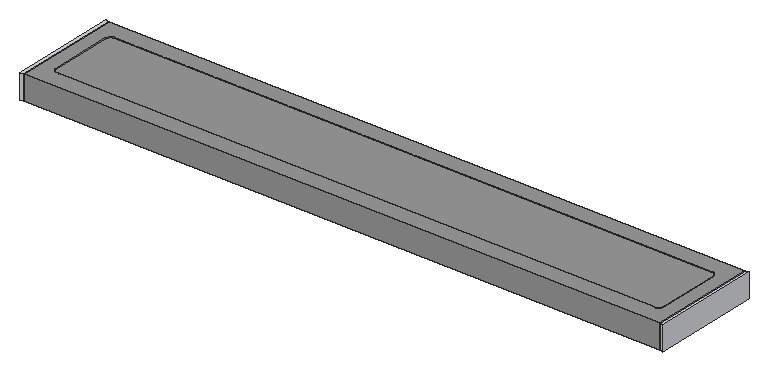
Revit family "2021679 Sylvania Lighting Fixture OPTIX S 1200 ASYMMETRIC 4K WHITE", category Lighting Fixtures, host Face, Revit 2018
Family settings
  Host = Face
  Round Connector Dimension = Use Diameter
  Part Type = Normal
  OmniClass Number = 23.80.70.00
  OmniClass Title = Lighting
  Cut with Voids When Loaded = No
  Light Source = Yes
  Shared = No
  Room Calculation Point = No
Parameters (values of type "2021679 OPTIX S 1200 ASYM 4K WHT")
  spacer height = 5 mm
  spacer centres = 1000 mm
  lens width = 1135 mm
  full length = 1200 mm
  Width = 200 mm
  Weight = "n/a"
  Wattage Comments = ""
  Wattage = 9.2903 W
  WarrantyStartDate [instance] = "n/a"
  WarrantyGuarantorParts = "n/a"
  WarrantyDurationUnit = "n/a"
  WarrantyDurationParts = ""
  WarrantyDescription = "http://www.sylvania-lighting.com"
  built-in parameter 1150110 = 1 (stored number, unit not read)
  Voltage = 0 V
  URL = "0.95"
  TypeName = "OPTIX S 1200 ASYMMETRIC 4K WHITE"
  Type Image = <None>
  Type Comments = "n/a"
  built-in parameter 1114217 = 1 (stored number, unit not read)
  Tilt Angle = 90.00°
  built-in parameter 1150109 = 1 (stored number, unit not read)
  built-in parameter 1150134 = 3
  built-in parameter 1150113 = 1 (stored number, unit not read)
  SerialNumber [instance] = "n/a"
  Photometric Web File = "2021679.ies"
  Material_3_FEILO = none
  PowerFactor = 0
  PowerConsumption = "Lighting"
  NominalLength = 200 mm
  NominalHeight = 0 mm
  NominalDepth = 0 mm
  Name = "OPTIX S 1200 ASYMMETRIC 4K WHITE"
  ModelReference = Name  # "OPTIX S 1200 ASYMMETRIC 4K WHITE"
  ModelNumber = "2021679"
  Model = Name  # "OPTIX S 1200 ASYMMETRIC 4K WHITE"
  Material = "Feilo Sylvania"
  ManufacturerName = "116 lm/W"
  Manufacturer = ""
  LuminousEfficacy = ""
  built-in parameter 1150105 = 109.82 (stored number, unit not read)
  Lumens = 1380 lm
  LuminaireType = "0"
  built-in parameter 1150115 = 1 (stored number, unit not read)
  LightOutputRatio = "LED"
  built-in parameter 1150137 = (empty or 0)
  built-in parameter 1150139 = (empty or 0)
  Lens Width = 135 mm
  Length = 1188 mm
  LampsType = Lamp  # "n/a"
  LampNominalLuminous = "4000 K"
  LampMacAdamStep = "80"
  LampColourTemperature = "LED"
  LampColourRenderingIndex = "16500"
  built-in parameter 1150112 = 1 (stored number, unit not read)
  built-in parameter 1150114 = 1 (stored number, unit not read)
  Lamp = "n/a"
  Keynote = "n/a"
  InstallationDate [instance] = "n/a"
  InputVoltage = "0"
  InputNominalFrequency = "4000"
  built-in parameter 1150132 = (empty or 0)
  built-in parameter 1150102 = (empty or 0)
  built-in parameter 1150107 = 3200 (stored number, unit not read)
  built-in parameter 1150138 = (empty or 0)
  IngressProtection = "IfcLightFixtureType"
  ImpactProtectionIndex = "IfcLightFixtureType"
  built-in parameter 1150106 = 1.0982 (stored number, unit not read)
  IfcExportType = "IfcLightFixtureType"
  IfcExportAs = "Class I"
  Height = 50 mm
  ExpectedLife = 50000
  Emit from Circle Diameter = 609.6 mm
  Emit Shape Visible in Rendering = no
  ElectricShockClassification = "116"
  built-in parameter 1150104 = 13.8 (stored number, unit not read)
  DurationUnit = "hours"
  DocumentationLiterature = "http://www.sylvania-lighting.com/product/en-int/products/2021679"
  DimmingControlOptions = "n/a"
  Material_2_FEILO = none
  Dimming Lamp Color Temperature Shift = <None>
  Description = "Surface or Suspended LED Linear luminaire with Asymmetric Aluminium Reflector, Asymmetric Light Distribution, Luminaire Dimensions: 1200x200x50mm, Sylvania White body colour, IP20, IK07, Constant Current, Low LED flicker (+/-5%), Warm White (3000K) LED Colour Temperature, 3480lm, 30W, 116lm/W efficacy, CRI>80, 3 SDCM (3-step MacAdam ellipse) LED Colour Consistency, Lumen Maintenance: L90B50 at 60,000 hours."
  Default Elevation = 1219.2 mm
  CreatedOn = "24/03/2021"
  CreatedBy = "@sylvania-lighting.com"
  Cost = 0
  Color Filter = 16777215
  built-in parameter 1114216 [instance] = (empty or 0)
  ClassificationValue = "EF_70_80"
  ClassificationName = "Uniclass2015"
  Material_1_FEILO = none
  BarCode [instance] = "n/a"
  built-in parameter 1114218 = 1 (stored number, unit not read)
  built-in parameter 1150133 = 10 (stored number, unit not read)
  AssetType = "Fixed"
  AssetIdentifier [instance] = "n/a"
  Assembly Code = "D5020200"
  Apparent Load = 30 VA
  Material_4_FEILO = none
Reference planes
  plane 1 "Center (Front/Back)": y = 0
  plane 2: z = 0
  plane 3 "Center (Left/Right)": x = 0
  plane 4: z = 0
  plane 5: z = 50
  plane 6: y = 100
  plane 7: y = -100
  plane 8: x = -594
  plane 9: x = 594
  plane 10: z = 5
  plane 11: x = -500
  plane 12: x = 500
  plane 13: y = 10
  plane 14: y = -10
  plane 15: x = 487.5
  plane 16: x = 512.5
  plane 17: x = -512.5
  plane 18: x = -487.5
  plane 19: x = -567.5
  plane 20: x = 567.5
  plane 21: y = 67.5
  plane 22: y = -67.5
  plane 23: x = -557.5
  plane 24: y = 57.5
  plane 25: y = -57.5
  plane 26: x = 557.5
  plane 27: x = -600
  plane 28: x = 600
Forms (mm)
  Extrusion 1, solid, material "Aluminum 1100-H18", detail levels medium+fine
    sketch origin (4.2, 0, 0) x (1, 0, 0) y (0, 1, 0)
      loop
        line (-598.2, 100) -> (-598.2, -100) -> (589.8, -100) -> (589.8, 100) -> (-598.2, 100)
    from 5 to 50
  Extrusion 2, solid
    sketch origin (4.2, 0, 0) x (1, 0, 0) y (0, 1, 0)
      loop
        line (483.3, 10) -> (483.3, -10) -> (508.3, -10) -> (508.3, 10) -> (483.3, 10)
    from 0 to 5
  Extrusion 3, solid
    sketch origin (4.2, 0, 0) x (1, 0, 0) y (0, 1, 0)
      loop
        line (-516.7, 10) -> (-516.7, -10) -> (-491.7, -10) -> (-491.7, 10) -> (-516.7, 10)
    from 0 to 5
  Extrusion 4, void, detail levels fine
    sketch origin (4.2, 0, 0) x (0, 1, 0) y (1, 0, 0)
      loop
        line (67.5, -561.7) -> (67.5, 553.3)
        arc (67.5, 553.3) -> (64.571, 560.371) -> (57.5, 563.3) r 10
        line (57.5, 563.3) -> (-57.5, 563.3)
        arc (-57.5, 563.3) -> (-64.571, 560.371) -> (-67.5, 553.3) r 10
        line (-67.5, 553.3) -> (-67.5, -561.7)
        arc (-67.5, -561.7) -> (-64.571, -568.771) -> (-57.5, -571.7) r 10
        line (-57.5, -571.7) -> (57.5, -571.7)
        arc (57.5, -571.7) -> (64.571, -568.771) -> (67.5, -561.7) r 10
    from -50 to -48
  Extrusion 5, solid, detail levels medium+fine
    sketch origin (4.2, 0, 0) x (1, 0, 0) y (0, 1, 0)
      loop
        line (-604.2, 100) -> (-604.2, -100) -> (-598.2, -100) -> (-598.2, 100) -> (-604.2, 100)
    from 5 to 50
  Extrusion 6, solid, detail levels medium+fine
    sketch origin (4.2, 0, 0) x (1, 0, 0) y (0, 1, 0)
      loop
        line (589.8, 100) -> (589.8, -100) -> (595.8, -100) -> (595.8, 100) -> (589.8, 100)
    from 5 to 50
  Extrusion 7, solid, material "Glass, White, High Luminance", detail levels fine
    sketch origin (4.2, 0, 0) x (1, 0, 0) y (0, 1, 0)
      loop
        arc (-561.7, 67.5) -> (-568.771, 64.571) -> (-571.7, 57.5) r 10
        line (-571.7, 57.5) -> (-571.7, -57.5)
        arc (-571.7, -57.5) -> (-568.771, -64.571) -> (-561.7, -67.5) r 10
        line (-561.7, -67.5) -> (553.3, -67.5)
        arc (553.3, -67.5) -> (560.371, -64.571) -> (563.3, -57.5) r 10
        line (563.3, -57.5) -> (563.3, 57.5)
        arc (563.3, 57.5) -> (560.371, 64.571) -> (553.3, 67.5) r 10
        line (553.3, 67.5) -> (-561.7, 67.5)
    from 48 to 49.5
  Extrusion 8, solid, detail levels coarse
    sketch origin (4.2, 0, 0) x (1, 0, 0) y (0, 1, 0)
      loop
        line (-604.2, 100) -> (-604.2, -100) -> (595.8, -100) -> (595.8, 100) -> (-604.2, 100)
    from 0 to 50
Cuts and joins
  Extrusion 4 cuts Extrusion 2
  Extrusion 4 cuts Extrusion 3
  Extrusion 4 cuts Extrusion 1
Dimensions and locks
  "Width": plane 6 to plane 7
  equal spacing: plane 6, plane 1 "Center (Front/Back)", plane 7
  "Length": plane 8 to plane 9
  equal spacing: plane 8, plane 3 "Center (Left/Right)", plane 9
  "spacer height": plane 10 to host face
  "Height": plane 5 to level
  "spacer centres": plane 11 to plane 12
  equal spacing: plane 11, plane 3 "Center (Left/Right)", plane 12
  "lens width": plane 19 to plane 20
  equal spacing: plane 19, plane 3 "Center (Left/Right)", plane 20
  "Lens Width": plane 21 to plane 22
  equal spacing: plane 21, plane 1 "Center (Front/Back)", plane 22
  "full length": plane 27 to plane 28
  equal spacing: plane 27, plane 3 "Center (Left/Right)", plane 28
  aligned and locked: plane 2 to host face
  aligned and locked: level to host face
Automatic sketch dimensions
  host sketch curve to host sketch curve = 2438.4 mm  (x2)
  Extrusion 1 sketch curve to plane 7 = 0 mm
  Extrusion 1 sketch curve to plane 8 = 0 mm
  Extrusion 1 sketch curve to plane 9 = 0 mm
  Extrusion 1 sketch curve to plane 6 = 0 mm
  Extrusion 2 sketch curve to plane 14 = 0 mm
  Extrusion 2 sketch curve to plane 15 = 0 mm
  Extrusion 2 sketch curve to plane 16 = 0 mm
  Extrusion 2 sketch curve to plane 13 = 0 mm
  Extrusion 3 sketch curve to plane 14 = 0 mm
  Extrusion 3 sketch curve to plane 17 = 0 mm
  Extrusion 3 sketch curve to plane 18 = 0 mm
  Extrusion 3 sketch curve to plane 13 = 0 mm
  Extrusion 4 sketch curve to plane 22 = 0 mm
  Extrusion 4 sketch curve to plane 19 = 0 mm
  Extrusion 4 sketch curve to plane 25 = 0 mm  (x2)
  Extrusion 4 sketch curve to plane 20 = 0 mm
  Extrusion 4 sketch curve to plane 24 = 0 mm  (x2)
  Extrusion 4 sketch curve to plane 23 = 0 mm
  Extrusion 5 sketch curve to plane 7 = 0 mm
  Extrusion 5 sketch curve to plane 27 = 0 mm
  Extrusion 5 sketch curve to plane 8 = 0 mm
  Extrusion 5 sketch curve to plane 6 = 0 mm
  Extrusion 6 sketch curve to plane 7 = 0 mm
  Extrusion 6 sketch curve to plane 9 = 0 mm
  Extrusion 6 sketch curve to plane 28 = 0 mm
  Extrusion 6 sketch curve to plane 6 = 0 mm
  Extrusion 7 sketch curve to plane 23 = 0 mm  (x2)
  Extrusion 7 sketch curve to plane 21 = 0 mm
  Extrusion 7 sketch curve to plane 22 = 0 mm
  Extrusion 7 sketch curve to plane 26 = 0 mm  (x2)
  Extrusion 7 sketch curve to plane 20 = 0 mm
  Extrusion 7 sketch curve to plane 24 = 0 mm
  Extrusion 8 sketch curve to plane 7 = 0 mm
  Extrusion 8 sketch curve to plane 27 = 0 mm
  Extrusion 8 sketch curve to plane 28 = 0 mm
  Extrusion 8 sketch curve to plane 6 = 0 mm
Connectors
  electrical at (0, 0, 0), driven by "Apparent Load", driven by "PowerFactor", driven by "Voltage"
    settings: index 1, voltage 0 V, apparent load 30 VA, apparent load phase1 0 VA, apparent load phase2 0 VA, apparent load phase3 0 VA, power factor 0, load classification "Lighting", number of poles 1, system type 30, power factor state 1, is connector primary yes, connector utility no, sub classification motor no, connector description ""
